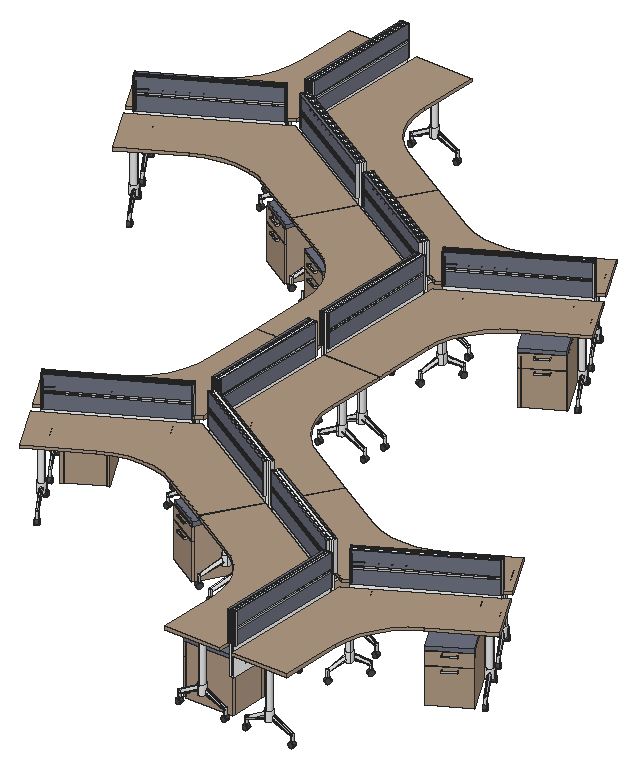
Revit family "T200028", category Furniture, Revit 2013 (continued)
Forms (in)
  SweptBlend 676, solid, material "OFS BRANDS INTERMIX WORK Feet Metal" <- "Feet Material"
    profile origin (-7.73598, -66.39768, 7.14826) x (-0.169016, -0.292767, -0.941127) y (-0.866042, 0.499971, 0)
      loop
        arc (-0.36519, -51.27484) -> (-0.37961, -51.2216) -> (-0.41893, -51.18293) r 0.10547
        line (-0.41893, -51.18293) -> (-0.7409, -51.00171)
        arc (-0.7409, -51.00171) -> (-0.97866, -50.92516) -> (-1.22742, -50.94783) r 0.625
        line (-1.22742, -50.94783) -> (-2.47816, -51.32389)
        arc (-2.47816, -51.32389) -> (-2.58268, -51.39722) -> (-2.62281, -51.51844) r 0.20315
    end profile origin (-3.13285, -58.42421, 3.84119) x (-0.169016, -0.292767, -0.941127) y (-0.866042, 0.499971, 0)
      loop
        arc (-0.00296, -51.97173) -> (0.12974, -51.57876) -> (-0.00296, -51.18579) r 0.64824
        arc (-0.00296, -51.18579) -> (-0.47961, -51.2339) -> (-0.93193, -51.39177) r 2.04165
        arc (-0.93193, -51.39177) -> (-1.04882, -51.57876) -> (-0.93193, -51.76575) r 0.20801
        arc (-0.93193, -51.76575) -> (-0.47961, -51.92362) -> (-0.00296, -51.97173) r 2.04165
  Extrusion 677, solid, material "OFS BRANDS INTERMIX WORK Drawer Front Wood" <- "Drawer Front Material"
    sketch origin (0.12543, -29.7356, -6.96875) x (0.866009, 0.500029, 0) y (0, 0, 1)
      loop
        line (-59.97733, 27.3125) -> (-59.97733, 21.96875) -> (-44.47733, 21.96875) -> (-44.47733, 27.3125) -> (-59.97733, 27.3125)
    from -1.3075 to -0.5575
  Extrusion 678, solid, material "OFS BRANDS INTERMIX WORK Pull Metal" <- "Pull Material"
    sketch origin (-28.25725, -10.91704, -10.06825) x (0.866009, 0.500029, 0) y (-0.500029, 0.866009, 0)
      loop
        line (-39.43501, -29.18171) -> (-39.43501, -28.42671) -> (-34.68501, -28.42671) -> (-34.68501, -29.18171) -> (-34.43501, -29.18171) -> (-34.43501, -28.17671) -> (-39.68501, -28.17671) -> (-39.68501, -29.18171) -> (-39.43501, -29.18171)
    from 28.9745 to 29.4745
  Extrusion 679, solid, material "OFS BRANDS INTERMIX WORK Drawer Front Wood" <- "Drawer Front Material"
    sketch origin (0.12543, -29.7356, -12.4375) x (0.866009, 0.500029, 0) y (0, 0, 1)
      loop
        line (-59.97733, 27.3125) -> (-59.97733, 13.1875) -> (-44.47733, 13.1875) -> (-44.47733, 27.3125) -> (-59.97733, 27.3125)
    from -1.3075 to -0.5575
  Extrusion 680, solid, material "OFS BRANDS INTERMIX WORK Pull Metal" <- "Pull Material"
    sketch origin (-28.25725, -10.91704, -15.537) x (0.866009, 0.500029, 0) y (-0.500029, 0.866009, 0)
      loop
        line (-39.43501, -29.18171) -> (-39.43501, -28.42671) -> (-34.68501, -28.42671) -> (-34.68501, -29.18171) -> (-34.43501, -29.18171) -> (-34.43501, -28.17671) -> (-39.68501, -28.17671) -> (-39.68501, -29.18171) -> (-39.43501, -29.18171)
    from 28.9745 to 29.4745
  Extrusion 681, solid, material "OFS BRANDS INTERMIX WORK Chassis Wood" <- "Chassis Material"
    sketch origin (-53.30195, -57.6515, 0) x (-0.500029, 0.866009, 0) y (0, 0, -1)
      loop
        line (-1.98233, -0.5) -> (-20.73233, -0.5) -> (-20.73233, -20.4375) -> (-1.98233, -20.4375) -> (-1.98233, -0.5)
    from -1.1875 to -0.1875
  Extrusion 682, solid, material "OFS BRANDS INTERMIX WORK Chassis Wood" <- "Chassis Material"
    sketch origin (-23.85866, -64.80771, 0) x (0.866009, 0.500029, 0) y (0, 0, 1)
      loop
        line (-7.10733, 0.5) -> (-7.10733, 20.4375) -> (-20.73233, 20.4375) -> (-20.73233, 0.5) -> (-7.10733, 0.5)
    from -1.1875 to -0.1875
  Extrusion 683, solid, material "OFS BRANDS INTERMIX WORK Chassis Wood" <- "Chassis Material"
    sketch origin (-39.44581, -49.65104, 0) x (-0.500029, 0.866009, 0) y (0, 0, 1)
      loop
        line (-1.98233, 0.5) -> (-1.98233, 20.4375) -> (-20.73233, 20.4375) -> (-20.73233, 0.5) -> (-1.98233, 0.5)
    from -1.1875 to -0.1875
  Extrusion 684, solid, material "OFS BRANDS INTERMIX WORK Cushion Fabric" <- "Cushion Material"
    sketch origin (-51.17952, -7.53675, 18.4375) x (0.866009, 0.500029, 0) y (0.500029, -0.866009, 0)
      loop
        line (-26.70937, 43.82086) -> (-11.08437, 43.82087) -> (-11.08437, 63.07087) -> (-26.70937, 63.07086) -> (-26.70937, 43.82086)
    from -3.5 to -2
  Extrusion 685, solid, material "OFS BRANDS INTERMIX WORK Roll Plastic" <- "Roll Material"
    sketch origin (-51.99237, -55.66788, 29.4745) x (-0.500029, 0.866009, 0) y (0, 0, 1)
      loop
        circle (-19.32729, -28.53442) r 0.94008
    from -0.75 to 0.78386
  Extrusion 686, solid, material "OFS BRANDS INTERMIX WORK Roll Plastic" <- "Roll Material"
    sketch origin (-51.99237, -55.66788, 29.4745) x (-0.500029, 0.866009, 0) y (0, 0, 1)
      loop
        line (-18.30139, -28.55034) -> (-18.21545, -28.55034)
        arc (-18.21545, -28.55034) -> (-18.50581, -27.785) -> (-19.24135, -27.42579) r 1.11196
        line (-19.24135, -27.42579) -> (-19.24135, -27.09434) -> (-19.41323, -27.09434) -> (-19.41323, -27.42579)
        arc (-19.41323, -27.42579) -> (-20.14338, -27.77914) -> (-20.43925, -28.53442) r 1.11196
        line (-20.43925, -28.53442) -> (-20.35331, -28.53442)
        arc (-20.35331, -28.53442) -> (-20.08257, -27.83996) -> (-19.41323, -27.51201) r 1.02602
        line (-19.41323, -27.51201) -> (-19.41323, -27.59827)
        arc (-19.41323, -27.59827) -> (-19.32729, -27.59434) -> (-19.24135, -27.59827) r 0.94008
        line (-19.24135, -27.59827) -> (-19.24135, -27.51201)
        arc (-19.24135, -27.51201) -> (-18.56665, -27.84584) -> (-18.30139, -28.55034) r 1.02602
    from -0.56728 to 0.61508
  Extrusion 687, solid, material "OFS BRANDS INTERMIX WORK Chassis Wood" <- "Chassis Material"
    sketch origin (-130.95118, -20.06909, -8.30733) x (0.866009, 0.500029, 0) y (-0.500029, 0.866009, 0)
      loop
        line (49.64011, -73.35589) -> (49.64011, -91.10589) -> (63.26511, -91.10589) -> (63.26511, -73.35589) -> (49.64011, -73.35589)
    from 10.6875 to 11.75
  Extrusion 688, solid, material "OFS BRANDS INTERMIX WORK Roll Plastic" <- "Roll Material"
    sketch origin (-41.81846, -49.79352, 29.4745) x (-0.500029, 0.866009, 0) y (0, 0, -1)
      loop
        circle (-19.32729, 28.53442) r 0.94008
    from -0.75 to 0.78386
  Extrusion 689, solid, material "OFS BRANDS INTERMIX WORK Roll Plastic" <- "Roll Material"
    sketch origin (-41.81846, -49.79352, 29.4745) x (-0.500029, 0.866009, 0) y (0, 0, -1)
      loop
        arc (-18.30139, 28.55034) -> (-18.56665, 27.84584) -> (-19.24135, 27.51201) r 1.02602
        line (-19.24135, 27.51201) -> (-19.24135, 27.59827)
        arc (-19.24135, 27.59827) -> (-19.32729, 27.59434) -> (-19.41323, 27.59827) r 0.94008
        line (-19.41323, 27.59827) -> (-19.41323, 27.51201)
        arc (-19.41323, 27.51201) -> (-20.08257, 27.83996) -> (-20.35331, 28.53442) r 1.02602
        line (-20.35331, 28.53442) -> (-20.43925, 28.53442)
        arc (-20.43925, 28.53442) -> (-20.14338, 27.77914) -> (-19.41323, 27.42579) r 1.11196
        line (-19.41323, 27.42579) -> (-19.41323, 27.09434) -> (-19.24135, 27.09434) -> (-19.24135, 27.42579)
        arc (-19.24135, 27.42579) -> (-18.50581, 27.785) -> (-18.21545, 28.55034) r 1.11196
        line (-18.21545, 28.55034) -> (-18.30139, 28.55034)
    from -0.56728 to 0.61508
  Extrusion 690, solid, material "OFS BRANDS INTERMIX WORK Roll Plastic" <- "Roll Material"
    sketch origin (-39.91712, -76.58122, 29.4745) x (0.500029, -0.866009, 0) y (0, 0, -1)
      loop
        circle (-19.32729, 28.53442) r 0.94008
    from -0.75 to 0.78386
  Extrusion 691, solid, material "OFS BRANDS INTERMIX WORK Roll Plastic" <- "Roll Material"
    sketch origin (-39.91712, -76.58122, 29.4745) x (0.500029, -0.866009, 0) y (0, 0, -1)
      loop
        arc (-18.30139, 28.55034) -> (-18.56665, 27.84584) -> (-19.24135, 27.51201) r 1.02602
        line (-19.24135, 27.51201) -> (-19.24135, 27.59827)
        arc (-19.24135, 27.59827) -> (-19.32729, 27.59434) -> (-19.41323, 27.59827) r 0.94008
        line (-19.41323, 27.59827) -> (-19.41323, 27.51201)
        arc (-19.41323, 27.51201) -> (-20.08257, 27.83996) -> (-20.35331, 28.53442) r 1.02602
        line (-20.35331, 28.53442) -> (-20.43925, 28.53442)
        arc (-20.43925, 28.53442) -> (-20.14338, 27.77914) -> (-19.41323, 27.42579) r 1.11196
        line (-19.41323, 27.42579) -> (-19.41323, 27.09434) -> (-19.24135, 27.09434) -> (-19.24135, 27.42579)
        arc (-19.24135, 27.42579) -> (-18.50581, 27.785) -> (-18.21545, 28.55034) r 1.11196
        line (-18.21545, 28.55034) -> (-18.30139, 28.55034)
    from -0.56728 to 0.61508
  Extrusion 692, solid, material "OFS BRANDS INTERMIX WORK Roll Plastic" <- "Roll Material"
    sketch origin (-29.7432, -70.70685, 29.4745) x (0.500029, -0.866009, 0) y (0, 0, 1)
      loop
        circle (-19.32729, -28.53442) r 0.94008
    from -0.75 to 0.78386
  Extrusion 693, solid, material "OFS BRANDS INTERMIX WORK Roll Plastic" <- "Roll Material"
    sketch origin (-29.7432, -70.70685, 29.4745) x (0.500029, -0.866009, 0) y (0, 0, 1)
      loop
        line (-18.30139, -28.55034) -> (-18.21545, -28.55034)
        arc (-18.21545, -28.55034) -> (-18.50581, -27.785) -> (-19.24135, -27.42579) r 1.11196
        line (-19.24135, -27.42579) -> (-19.24135, -27.09434) -> (-19.41323, -27.09434) -> (-19.41323, -27.42579)
        arc (-19.41323, -27.42579) -> (-20.14338, -27.77914) -> (-20.43925, -28.53442) r 1.11196
        line (-20.43925, -28.53442) -> (-20.35331, -28.53442)
        arc (-20.35331, -28.53442) -> (-20.08257, -27.83996) -> (-19.41323, -27.51201) r 1.02602
        line (-19.41323, -27.51201) -> (-19.41323, -27.59827)
        arc (-19.41323, -27.59827) -> (-19.32729, -27.59434) -> (-19.24135, -27.59827) r 0.94008
        line (-19.24135, -27.59827) -> (-19.24135, -27.51201)
        arc (-19.24135, -27.51201) -> (-18.56665, -27.84584) -> (-18.30139, -28.55034) r 1.02602
    from -0.56728 to 0.61508
  Extrusion 694, solid, material "OFS BRANDS INTERMIX WORK Roll Plastic" <- "Roll Material"
    sketch origin (-3.2229, -4.97458, 29.4745) x (1, 0.000033, 0) y (0, 0, 1)
      loop
        circle (-19.32729, -28.53442) r 0.94008
    from -0.75 to 0.78386
  Extrusion 695, solid, material "OFS BRANDS INTERMIX WORK Roll Plastic" <- "Roll Material"
    sketch origin (-3.2229, -4.97458, 29.4745) x (1, 0.000033, 0) y (0, 0, 1)
      loop
        line (-18.30139, -28.55034) -> (-18.21545, -28.55034)
        arc (-18.21545, -28.55034) -> (-18.50581, -27.785) -> (-19.24135, -27.42579) r 1.11196
        line (-19.24135, -27.42579) -> (-19.24135, -27.09434) -> (-19.41323, -27.09434) -> (-19.41323, -27.42579)
        arc (-19.41323, -27.42579) -> (-20.14338, -27.77914) -> (-20.43925, -28.53442) r 1.11196
        line (-20.43925, -28.53442) -> (-20.35331, -28.53442)
        arc (-20.35331, -28.53442) -> (-20.08257, -27.83996) -> (-19.41323, -27.51201) r 1.02602
        line (-19.41323, -27.51201) -> (-19.41323, -27.59827)
        arc (-19.41323, -27.59827) -> (-19.32729, -27.59434) -> (-19.24135, -27.59827) r 0.94008
        line (-19.24135, -27.59827) -> (-19.24135, -27.51201)
        arc (-19.24135, -27.51201) -> (-18.56665, -27.84584) -> (-18.30139, -28.55034) r 1.02602
    from -0.56728 to 0.61508
  Extrusion 696, solid, material "OFS BRANDS INTERMIX WORK Feet Metal" <- "Feet Material"
    sketch origin (-0.0035, -56.57553, 0) x (0.000033, -1, 0) y (1, 0.000033, 0)
      loop
        line (-54.57973, -9.4) -> (-54.57973, -17.4) -> (-48.57973, -17.4) -> (-48.57973, -9.4) -> (-54.57973, -9.4)
    from 27.6875 to 27.87542
  Extrusion 697, solid, material "OFS BRANDS INTERMIX WORK Feet Metal" <- "Feet Material"
    sketch origin (-0.0035, -56.57553, 0) x (0.000033, -1, 0) y (1, 0.000033, 0)
      loop
        circle (-51.57876, -13.39995) r 1.14391
    from 10.29161 to 27.6875
  Extrusion 698, solid, material "OFS BRANDS INTERMIX WORK Feet Metal" <- "Feet Material"
    sketch origin (-0.0035, -56.57553, 0) x (0.000033, -1, 0) y (1, 0.000033, 0)
      loop
        circle (-51.57876, -13.40165) r 1.51553
    from 6.70403 to 10.29161
  Extrusion 699, solid, material "OFS BRANDS INTERMIX WORK Feet Metal" <- "Feet Material"
    sketch origin (-0.0035, -56.57553, 0) x (0.000033, -1, 0) y (1, 0.000033, 0)
      loop
        circle (-51.57715, -22.59884) r 0.43
    from 2.38016 to 4.82597
  SweptBlend 700, solid, material "OFS BRANDS INTERMIX WORK Feet Metal" <- "Feet Material"
    path origin (-0.0035, -56.57553, 0) x (1, 0.000033, 0) y (0, 0, 1)
      loop
        line (-13.40165, 7.14826) -> (-22.60845, 3.84119)
    profile origin (-13.40515, -56.57597, 7.14826) x (0.338052, 0.000011, -0.941127) y (0.000033, -1, 0)
      loop
        line (-2.62281, -51.51844) -> (-2.62281, -51.63768)
        arc (-2.62281, -51.63768) -> (-2.58269, -51.75888) -> (-2.47817, -51.8322) r 0.20313
        line (-2.47817, -51.8322) -> (-1.22705, -52.20839)
        arc (-1.22705, -52.20839) -> (-0.97865, -52.23103) -> (-0.74123, -52.15459) r 0.6241
        line (-0.74123, -52.15459) -> (-0.41933, -51.97341)
        arc (-0.41933, -51.97341) -> (-0.37972, -51.93444) -> (-0.36519, -51.8808) r 0.10627
        line (-0.36519, -51.8808) -> (-0.36519, -51.27484)
        arc (-0.36519, -51.27484) -> (-0.37961, -51.2216) -> (-0.41893, -51.18293) r 0.10547
        line (-0.41893, -51.18293) -> (-0.7409, -51.00171)
        arc (-0.7409, -51.00171) -> (-0.97866, -50.92516) -> (-1.22742, -50.94783) r 0.625
        line (-1.22742, -50.94783) -> (-2.47816, -51.32389)
        arc (-2.47816, -51.32389) -> (-2.58268, -51.39722) -> (-2.62281, -51.51844) r 0.20315
    end profile origin (-22.61195, -56.57628, 3.84119) x (0.338052, 0.000011, -0.941127) y (0.000033, -1, 0)
      loop
        arc (-0.00296, -51.97173) -> (0.12974, -51.57876) -> (-0.00296, -51.18579) r 0.64824
        arc (-0.00296, -51.18579) -> (-0.47961, -51.2339) -> (-0.93193, -51.39177) r 2.04165
        arc (-0.93193, -51.39177) -> (-1.04882, -51.57876) -> (-0.93193, -51.76575) r 0.20801
        arc (-0.93193, -51.76575) -> (-0.47961, -51.92362) -> (-0.00296, -51.97173) r 2.04165
  Extrusion 701, solid, material "OFS BRANDS INTERMIX WORK Roll Plastic" <- "Roll Material"
    sketch origin (-23.5875, -4.97525, 29.4745) x (-1, -0.000033, 0) y (0, 0, -1)
      loop
        circle (-19.32729, 28.53442) r 0.94008
    from -0.75 to 0.78386
  Extrusion 702, solid, material "OFS BRANDS INTERMIX WORK Roll Plastic" <- "Roll Material"
    sketch origin (-23.5875, -4.97525, 29.4745) x (-1, -0.000033, 0) y (0, 0, -1)
      loop
        arc (-18.30139, 28.55034) -> (-18.56665, 27.84584) -> (-19.24135, 27.51201) r 1.02602
        line (-19.24135, 27.51201) -> (-19.24135, 27.59827)
        arc (-19.24135, 27.59827) -> (-19.32729, 27.59434) -> (-19.41323, 27.59827) r 0.94008
        line (-19.41323, 27.59827) -> (-19.41323, 27.51201)
        arc (-19.41323, 27.51201) -> (-20.08257, 27.83996) -> (-20.35331, 28.53442) r 1.02602
        line (-20.35331, 28.53442) -> (-20.43925, 28.53442)
        arc (-20.43925, 28.53442) -> (-20.14338, 27.77914) -> (-19.41323, 27.42579) r 1.11196
        line (-19.41323, 27.42579) -> (-19.41323, 27.09434) -> (-19.24135, 27.09434) -> (-19.24135, 27.42579)
        arc (-19.24135, 27.42579) -> (-18.50581, 27.785) -> (-18.21545, 28.55034) r 1.11196
        line (-18.21545, 28.55034) -> (-18.30139, 28.55034)
    from -0.56728 to 0.61508
  Extrusion 703, solid, material "OFS BRANDS INTERMIX WORK Feet Metal" <- "Feet Material"
    sketch origin (-26.8035, -56.57641, 0) x (0.000033, -1, 0) y (1, 0.000033, 0)
      loop
        circle (-51.57715, 22.59884) r 0.43
    from 2.38016 to 4.82597
  SweptBlend 704, solid, material "OFS BRANDS INTERMIX WORK Feet Metal" <- "Feet Material"
    path origin (-26.8035, -56.57641, 0) x (-1, -0.000033, 0) y (0, 0, -1)
      loop
        line (-13.40165, -7.14826) -> (-22.60845, -3.84119)
    profile origin (-13.40185, -56.57597, 7.14826) x (0.338052, 0.000011, 0.941127) y (0.000033, -1, 0)
      loop
        arc (2.62281, -51.51844) -> (2.58268, -51.39722) -> (2.47816, -51.32389) r 0.20315
        line (2.47816, -51.32389) -> (1.22742, -50.94783)
        arc (1.22742, -50.94783) -> (0.97866, -50.92516) -> (0.7409, -51.00171) r 0.625
        line (0.7409, -51.00171) -> (0.41893, -51.18293)
        arc (0.41893, -51.18293) -> (0.37961, -51.2216) -> (0.36519, -51.27484) r 0.10547
        line (0.36519, -51.27484) -> (0.36519, -51.8808)
        arc (0.36519, -51.8808) -> (0.37972, -51.93444) -> (0.41933, -51.97341) r 0.10627
        line (0.41933, -51.97341) -> (0.74123, -52.15459)
        arc (0.74123, -52.15459) -> (0.97865, -52.23103) -> (1.22705, -52.20839) r 0.6241
        line (1.22705, -52.20839) -> (2.47817, -51.8322)
        arc (2.47817, -51.8322) -> (2.58269, -51.75888) -> (2.62281, -51.63768) r 0.20313
        line (2.62281, -51.63768) -> (2.62281, -51.51844)
    end profile origin (-4.19505, -56.57567, 3.84119) x (0.338052, 0.000011, 0.941127) y (0.000033, -1, 0)
      loop
        arc (0.00296, -51.97173) -> (0.47961, -51.92362) -> (0.93193, -51.76575) r 2.04165
        arc (0.93193, -51.76575) -> (1.04882, -51.57876) -> (0.93193, -51.39177) r 0.20801
        arc (0.93193, -51.39177) -> (0.47961, -51.2339) -> (0.00296, -51.18579) r 2.04165
        arc (0.00296, -51.18579) -> (-0.12974, -51.57876) -> (0.00296, -51.97173) r 0.64824
  Extrusion 705, solid, material "OFS BRANDS INTERMIX WORK Top Core Wood" <- "Top Core Material"
    sketch origin (-125.5118, -75.6627, 0) x (-0.500029, 0.866009, 0) y (-0.866009, -0.500029, 0)
      loop
        line (3.97134, -144.44683) -> (14.97134, -125.39429) -> (-5.81327, -113.39428)
        arc (-5.81327, -113.39428) -> (-16.7855, -102.41798) -> (-20.79403, -87.42463) r 29.96155
        line (-20.79403, -87.42463) -> (-20.79403, -63.44684) -> (-42.79403, -63.44684) -> (-42.79403, -117.44683) -> (3.97134, -144.44683)
    from 27.87542 to 29.00005
  Extrusion 706, solid, material "OFS BRANDS INTERMIX WORK Feet Metal" <- "Feet Material"
    sketch origin (28.63872, -87.38944, 0) x (0.866042, -0.499971, 0) y (0.499971, 0.866042, 0)
      loop
        line (-54.57973, 9.4) -> (-48.57973, 9.4) -> (-48.57973, 17.4) -> (-54.57973, 17.4) -> (-54.57973, 9.4)
    from 27.6875 to 27.87542
  Extrusion 707, solid, material "OFS BRANDS INTERMIX WORK Feet Metal" <- "Feet Material"
    sketch origin (28.63872, -87.38944, 0) x (0.866042, -0.499971, 0) y (0.499971, 0.866042, 0)
      loop
        circle (-51.57876, 13.39995) r 1.14391
    from 10.29161 to 27.6875
  Extrusion 708, solid, material "OFS BRANDS INTERMIX WORK Feet Metal" <- "Feet Material"
    sketch origin (28.63872, -87.38944, 0) x (0.866042, -0.499971, 0) y (0.499971, 0.866042, 0)
      loop
        circle (-51.57876, 13.40165) r 1.51553
    from 6.70403 to 10.29161
  Extrusion 709, solid, material "OFS BRANDS INTERMIX WORK Roll Plastic" <- "Roll Material"
    sketch origin (-3.28989, -39.48759, 29.4745) x (0.499971, 0.866042, 0) y (0, 0, 1)
      loop
        circle (-19.32729, -28.53442) r 0.94008
    from -0.75 to 0.78386
  Extrusion 710, solid, material "OFS BRANDS INTERMIX WORK Roll Plastic" <- "Roll Material"
    sketch origin (-3.28989, -39.48759, 29.4745) x (0.499971, 0.866042, 0) y (0, 0, 1)
      loop
        line (-18.30139, -28.55034) -> (-18.21545, -28.55034)
        arc (-18.21545, -28.55034) -> (-18.50581, -27.785) -> (-19.24135, -27.42579) r 1.11196
        line (-19.24135, -27.42579) -> (-19.24135, -27.09434) -> (-19.41323, -27.09434) -> (-19.41323, -27.42579)
        arc (-19.41323, -27.42579) -> (-20.14338, -27.77914) -> (-20.43925, -28.53442) r 1.11196
        line (-20.43925, -28.53442) -> (-20.35331, -28.53442)
        arc (-20.35331, -28.53442) -> (-20.08257, -27.83996) -> (-19.41323, -27.51201) r 1.02602
        line (-19.41323, -27.51201) -> (-19.41323, -27.59827)
        arc (-19.41323, -27.59827) -> (-19.32729, -27.59434) -> (-19.24135, -27.59827) r 0.94008
        line (-19.24135, -27.59827) -> (-19.24135, -27.51201)
        arc (-19.24135, -27.51201) -> (-18.56665, -27.84584) -> (-18.30139, -28.55034) r 1.02602
    from -0.56728 to 0.61508
  Extrusion 711, solid, material "OFS BRANDS INTERMIX WORK Feet Metal" <- "Feet Material"
    sketch origin (43.00755, -62.49995, 0) x (0.866042, -0.499971, 0) y (0.499971, 0.866042, 0)
      loop
        circle (-51.57715, -22.59884) r 0.43
    from 2.38016 to 4.9582
  SweptBlend 712, solid, material "OFS BRANDS INTERMIX WORK Feet Metal" <- "Feet Material"
    path origin (42.03794, -64.1795, 0) x (0.499971, 0.866042, 0) y (0, 0, 1)
      loop
        line (-13.15165, 7.14826) -> (-20.5899, 3.99092)
    profile origin (35.4625, -75.56939, 7.14826) x (0.195354, 0.33839, -0.920505) y (0.866042, -0.499971, 0)
      loop
        line (-2.62281, -51.51844) -> (-2.62281, -51.63768)
        arc (-2.62281, -51.63768) -> (-2.58269, -51.75888) -> (-2.47817, -51.8322) r 0.20313
        line (-2.47817, -51.8322) -> (-1.22705, -52.20839)
        arc (-1.22705, -52.20839) -> (-0.97865, -52.23103) -> (-0.74123, -52.15459) r 0.6241
        line (-0.74123, -52.15459) -> (-0.41933, -51.97341)
        arc (-0.41933, -51.97341) -> (-0.37972, -51.93444) -> (-0.36519, -51.8808) r 0.10627
        line (-0.36519, -51.8808) -> (-0.36519, -51.27484)
        arc (-0.36519, -51.27484) -> (-0.37961, -51.2216) -> (-0.41893, -51.18293) r 0.10547
        line (-0.41893, -51.18293) -> (-0.7409, -51.00171)
        arc (-0.7409, -51.00171) -> (-0.97866, -50.92516) -> (-1.22742, -50.94783) r 0.625
        line (-1.22742, -50.94783) -> (-2.47816, -51.32389)
        arc (-2.47816, -51.32389) -> (-2.58268, -51.39722) -> (-2.62281, -51.51844) r 0.20315
    end profile origin (31.74359, -82.01122, 3.99092) x (0.195354, 0.33839, -0.920505) y (0.866042, -0.499971, 0)
      loop
        arc (-0.00296, -51.97173) -> (0.12974, -51.57876) -> (-0.00296, -51.18579) r 0.64824
        arc (-0.00296, -51.18579) -> (-0.47961, -51.2339) -> (-0.93193, -51.39177) r 2.04165
        arc (-0.93193, -51.39177) -> (-1.04882, -51.57876) -> (-0.93193, -51.76575) r 0.20801
        arc (-0.93193, -51.76575) -> (-0.47961, -51.92362) -> (-0.00296, -51.97173) r 2.04165
  Extrusion 713, solid, material "OFS BRANDS INTERMIX WORK Roll Plastic" <- "Roll Material"
    sketch origin (-15.41083, -60.4833, 29.4745) x (-0.499971, -0.866042, 0) y (0, 0, -1)
      loop
        circle (-19.32729, 28.53442) r 0.94008
    from -0.75 to 0.78386
  Extrusion 714, solid, material "OFS BRANDS INTERMIX WORK Roll Plastic" <- "Roll Material"
    sketch origin (-15.41083, -60.4833, 29.4745) x (-0.499971, -0.866042, 0) y (0, 0, -1)
      loop
        arc (-18.30139, 28.55034) -> (-18.56665, 27.84584) -> (-19.24135, 27.51201) r 1.02602
        line (-19.24135, 27.51201) -> (-19.24135, 27.59827)
        arc (-19.24135, 27.59827) -> (-19.32729, 27.59434) -> (-19.41323, 27.59827) r 0.94008
        line (-19.41323, 27.59827) -> (-19.41323, 27.51201)
        arc (-19.41323, 27.51201) -> (-20.08257, 27.83996) -> (-20.35331, 28.53442) r 1.02602
        line (-20.35331, 28.53442) -> (-20.43925, 28.53442)
        arc (-20.43925, 28.53442) -> (-20.14338, 27.77914) -> (-19.41323, 27.42579) r 1.11196
        line (-19.41323, 27.42579) -> (-19.41323, 27.09434) -> (-19.24135, 27.09434) -> (-19.24135, 27.42579)
        arc (-19.24135, 27.42579) -> (-18.50581, 27.785) -> (-18.21545, 28.55034) r 1.11196
        line (-18.21545, 28.55034) -> (-18.30139, 28.55034)
    from -0.56728 to 0.61508
  Extrusion 715, solid, material "OFS BRANDS INTERMIX WORK Feet Metal" <- "Feet Material"
    sketch origin (27.66911, -89.06899, 0) x (0.866042, -0.499971, 0) y (0.499971, 0.866042, 0)
      loop
        circle (-51.57715, 22.59884) r 0.43
    from 2.38016 to 4.9582
  SweptBlend 716, solid, material "OFS BRANDS INTERMIX WORK Feet Metal" <- "Feet Material"
    path origin (28.63872, -87.38944, 0) x (-0.499971, -0.866042, 0) y (0, 0, -1)
      loop
        line (-13.15165, -7.14826) -> (-20.5899, -3.99092)
    profile origin (35.21416, -75.99955, 7.14826) x (0.195354, 0.33839, 0.920505) y (0.866042, -0.499971, 0)
      loop
        arc (2.62281, -51.51844) -> (2.58268, -51.39722) -> (2.47816, -51.32389) r 0.20315
        line (2.47816, -51.32389) -> (1.22742, -50.94783)
        arc (1.22742, -50.94783) -> (0.97866, -50.92516) -> (0.7409, -51.00171) r 0.625
        line (0.7409, -51.00171) -> (0.41893, -51.18293)
        arc (0.41893, -51.18293) -> (0.37961, -51.2216) -> (0.36519, -51.27484) r 0.10547
        line (0.36519, -51.27484) -> (0.36519, -51.8808)
        arc (0.36519, -51.8808) -> (0.37972, -51.93444) -> (0.41933, -51.97341) r 0.10627
        line (0.41933, -51.97341) -> (0.74123, -52.15459)
        arc (0.74123, -52.15459) -> (0.97865, -52.23103) -> (1.22705, -52.20839) r 0.6241
        line (1.22705, -52.20839) -> (2.47817, -51.8322)
        arc (2.47817, -51.8322) -> (2.58269, -51.75888) -> (2.62281, -51.63768) r 0.20313
        line (2.62281, -51.63768) -> (2.62281, -51.51844)
    end profile origin (38.93307, -69.55772, 3.99092) x (0.195354, 0.33839, 0.920505) y (0.866042, -0.499971, 0)
      loop
        arc (0.00296, -51.97173) -> (0.47961, -51.92362) -> (0.93193, -51.76575) r 2.04165
        arc (0.93193, -51.76575) -> (1.04882, -51.57876) -> (0.93193, -51.39177) r 0.20801
        arc (0.93193, -51.39177) -> (0.47961, -51.2339) -> (0.00296, -51.18579) r 2.04165
        arc (0.00296, -51.18579) -> (-0.12974, -51.57876) -> (0.00296, -51.97173) r 0.64824
  Extrusion 717, solid, material "OFS BRANDS INTERMIX WORK Back Coverage Plastic" <- "Back Coverage Material"
    sketch origin (0.06964, -30.00294, 29.4745) x (0.000042, -1, 0) y (0, 0, -1)
      loop
        line (20.99537, 11.2245) -> (-27.00463, 11.2245) -> (-27.00463, -12.5255) -> (20.99537, -12.5255) -> (20.99537, 11.2245)
    from -0.9375 to -0.1875
  Extrusion 718, solid, material "OFS BRANDS INTERMIX WORK Tackboard Fabric" <- "Tackboard Material"
    sketch origin (-0.96361, -30.00298, 29.4745) x (0.000042, -1, 0) y (0, 0, -1)
      loop
        line (21.02662, -6.99425) -> (-27.03588, -6.99425) -> (-27.03588, -12.5255) -> (21.02662, -12.5255) -> (21.02662, -6.99425)
    from -0.66085 to 0.03085
  Extrusion 719, solid, material "OFS BRANDS INTERMIX WORK Tackboard Fabric" <- "Tackboard Material"
    sketch origin (-0.96361, -30.00298, 22.69325) x (0.000042, -1, 0) y (0, 0, -1)
      loop
        line (20.68752, -6.99425) -> (-27.03588, -6.99425) -> (-27.03588, -12.5255) -> (20.68752, -12.5255) -> (20.68752, -6.99425)
    from -0.66085 to 0.03085
  Extrusion 720, solid, material "OFS BRANDS INTERMIX WORK Conector Metal" <- "Conector Material"
    sketch origin (0.6018, -55.04026, 0) x (-0.000042, 1, 0) y (-1, -0.000042, 0)
      loop
        line (51.73413, 2.29012) -> (51.73413, 2.25422) -> (52.07323, 2.25422) -> (52.07323, 1.50452) -> (51.35913, 1.50452) -> (51.35913, 1.46862) -> (52.10913, 1.46862) -> (52.10913, 2.29011) -> (51.73413, 2.29012)
    from 29.74775 to 41.93975
  Extrusion 721, solid, material "OFS BRANDS INTERMIX WORK Tool Rail Metal" <- "Tool Rail Material"
    sketch origin (0.6018, -55.04026, 0) x (1, 0.000042, 0) y (0, 0, -1)
      loop
        line (-1.53351, -35.21875) -> (-2.23612, -35.21875) -> (-2.23612, -35.78469) -> (-2.01958, -35.78469) -> (-1.88459, -35.70359) -> (-1.80037, -35.84375) -> (-1.88459, -35.98391) -> (-2.01958, -35.9028) -> (-2.23612, -35.9028) -> (-2.23612, -36.46875) -> (-1.53351, -36.46875) -> (-1.53351, -37.21875) -> (-1.46862, -37.21875) -> (-1.46862, -36.38875) -> (-2.15612, -36.38875) -> (-2.15612, -35.9828) -> (-2.04176, -35.9828) -> (-1.85625, -36.09427) -> (-1.70638, -35.84486) -> (-1.85742, -35.59348) -> (-2.04082, -35.70367) -> (-2.15612, -35.70367) -> (-2.15611, -35.29875) -> (-1.46862, -35.29875) -> (-1.46862, -34.46875) -> (-1.53351, -34.46875) -> (-1.53351, -35.21875)
    from 4.01073 to 52.07323
  Extrusion 722, solid, material "OFS BRANDS INTERMIX WORK Conector Metal" <- "Conector Material"
    sketch origin (0.59947, 1.04369, 0) x (0.000042, -1, 0) y (1, 0.000042, 0)
      loop
        line (51.73413, -2.29012) -> (52.10913, -2.29011) -> (52.10913, -1.46862) -> (51.35913, -1.46862) -> (51.35913, -1.50452) -> (52.07323, -1.50452) -> (52.07323, -2.25422) -> (51.73413, -2.25422) -> (51.73413, -2.29012)
    from 29.74775 to 41.93975
  Extrusion 723, solid, material "OFS BRANDS INTERMIX WORK Conector Clip Metal" <- "Conector Clip Material"
    sketch origin (0.06852, -2.99831, 57.662) x (0, 0, -1) y (-1, -0.000042, 0)
      loop
        line (29.787, 2.37745) -> (31.22695, 0.9375) -> (36.66201, 0.9375) -> (36.66201, 1.1563) -> (31.27888, 1.1563) -> (29.9745, 2.46068) -> (29.9745, 10.34879) -> (29.787, 10.34879) -> (29.787, 2.37745)
    from -7.1875 to -5.8125
  Extrusion 724, solid, material "OFS BRANDS INTERMIX WORK Conector Clip Metal" <- "Conector Clip Material"
    sketch origin (0.06852, -2.99831, 57.662) x (0, 0, -1) y (-1, -0.000042, 0)
      loop
        line (35.87689, 1.1563) -> (36.66201, 1.1563) -> (30.037, 11.86776) -> (30.037, 10.49716) -> (35.87689, 1.1563)
    from -6.59375 to -6.40625
  Extrusion 725, solid, material "OFS BRANDS INTERMIX WORK Conector Clip Metal" <- "Conector Clip Material"
    sketch origin (0.06998, -37.99831, 57.662) x (0, 0, -1) y (-1, -0.000042, 0)
      loop
        line (29.787, 2.37745) -> (31.22695, 0.9375) -> (36.66201, 0.9375) -> (36.66201, 1.1563) -> (31.27888, 1.1563) -> (29.9745, 2.46068) -> (29.9745, 10.34879) -> (29.787, 10.34879) -> (29.787, 2.37745)
    from -7.1875 to -5.8125
  Extrusion 726, solid, material "OFS BRANDS INTERMIX WORK Conector Clip Metal" <- "Conector Clip Material"
    sketch origin (0.06998, -37.99831, 57.662) x (0, 0, -1) y (-1, -0.000042, 0)
      loop
        line (35.87689, 1.1563) -> (36.66201, 1.1563) -> (30.037, 11.86776) -> (30.037, 10.49716) -> (35.87689, 1.1563)
    from -6.59375 to -6.40625
  Extrusion 727, solid, material "OFS BRANDS INTERMIX WORK Back Coverage Plastic" <- "Back Coverage Material"
    sketch origin (-21.94452, -68.13552, 29.4745) x (0.866013, 0.500022, 0) y (0, 0, 1)
      loop
        line (20.99537, -11.2245) -> (20.99537, 12.5255) -> (-27.00463, 12.5255) -> (-27.00463, -11.2245) -> (20.99537, -11.2245)
    from -0.9375 to -0.1875
  Extrusion 728, solid, material "OFS BRANDS INTERMIX WORK Tackboard Fabric" <- "Tackboard Material"
    sketch origin (-22.46117, -67.24071, 29.4745) x (0.866013, 0.500022, 0) y (0, 0, 1)
      loop
        line (21.02662, 6.99425) -> (21.02662, 12.5255) -> (-27.03588, 12.5255) -> (-27.03588, 6.99425) -> (21.02662, 6.99425)
    from -0.66085 to 0.03085
  Extrusion 729, solid, material "OFS BRANDS INTERMIX WORK Tackboard Fabric" <- "Tackboard Material"
    sketch origin (-22.46117, -67.24071, 22.69325) x (0.866013, 0.500022, 0) y (0, 0, 1)
      loop
        line (20.68752, 6.99425) -> (20.68752, 12.5255) -> (-27.03588, 12.5255) -> (-27.03588, 6.99425) -> (20.68752, 6.99425)
    from -0.66085 to 0.03085
  Extrusion 730, solid, material "OFS BRANDS INTERMIX WORK Conector Metal" <- "Conector Material"
    sketch origin (0.00372, -56.07625, 0) x (-0.866013, -0.500022, 0) y (0.500022, -0.866013, 0)
      loop
        line (51.73413, -2.29012) -> (52.10913, -2.29011) -> (52.10913, -1.46862) -> (51.35913, -1.46862) -> (51.35913, -1.50452) -> (52.07323, -1.50452) -> (52.07323, -2.25422) -> (51.73413, -2.25422) -> (51.73413, -2.29012)
    from 29.74775 to 41.93975
  Extrusion 731, solid, material "OFS BRANDS INTERMIX WORK Tool Rail Metal" <- "Tool Rail Material"
    sketch origin (0.00372, -56.07625, 0) x (0.500022, -0.866013, 0) y (0, 0, 1)
      loop
        line (-1.53351, 35.21875) -> (-1.53351, 34.46875) -> (-1.46862, 34.46875) -> (-1.46862, 35.29875) -> (-2.15611, 35.29875) -> (-2.15612, 35.70367) -> (-2.04082, 35.70367) -> (-1.85742, 35.59348) -> (-1.70638, 35.84486) -> (-1.85625, 36.09427) -> (-2.04176, 35.9828) -> (-2.15612, 35.9828) -> (-2.15612, 36.38875) -> (-1.46862, 36.38875) -> (-1.46862, 37.21875) -> (-1.53351, 37.21875) -> (-1.53351, 36.46875) -> (-2.23612, 36.46875) -> (-2.23612, 35.9028) -> (-2.01958, 35.9028) -> (-1.88459, 35.98391) -> (-1.80037, 35.84375) -> (-1.88459, 35.70359) -> (-2.01958, 35.78469) -> (-2.23612, 35.78469) -> (-2.23612, 35.21875) -> (-1.53351, 35.21875)
    from 4.01073 to 52.07323
  Extrusion 732, solid, material "OFS BRANDS INTERMIX WORK Conector Metal" <- "Conector Material"
    sketch origin (-48.56571, -84.11944, 0) x (0.866013, 0.500022, 0) y (-0.500022, 0.866013, 0)
      loop
        line (51.73413, 2.29012) -> (51.73413, 2.25422) -> (52.07323, 2.25422) -> (52.07323, 1.50452) -> (51.35913, 1.50452) -> (51.35913, 1.46862) -> (52.10913, 1.46862) -> (52.10913, 2.29011) -> (51.73413, 2.29012)
    from 29.74775 to 41.93975
  Extrusion 733, solid, material "OFS BRANDS INTERMIX WORK Conector Clip Metal" <- "Conector Clip Material"
    sketch origin (-45.33087, -81.63842, 57.662) x (0, 0, -1) y (0.500022, -0.866013, 0)
      loop
        line (29.787, -2.37745) -> (29.787, -10.34879) -> (29.9745, -10.34879) -> (29.9745, -2.46068) -> (31.27888, -1.1563) -> (36.66201, -1.1563) -> (36.66201, -0.9375) -> (31.22695, -0.9375) -> (29.787, -2.37745)
    from -7.1875 to -5.8125
  Extrusion 734, solid, material "OFS BRANDS INTERMIX WORK Conector Clip Metal" <- "Conector Clip Material"
    sketch origin (-45.33087, -81.63842, 57.662) x (0, 0, -1) y (0.500022, -0.866013, 0)
      loop
        line (35.87689, -1.1563) -> (30.037, -10.49716) -> (30.037, -11.86776) -> (36.66201, -1.1563) -> (35.87689, -1.1563)
    from -6.59375 to -6.40625
  Extrusion 735, solid, material "OFS BRANDS INTERMIX WORK Conector Clip Metal" <- "Conector Clip Material"
    sketch origin (-15.02042, -64.13766, 57.662) x (0, 0, -1) y (0.500022, -0.866013, 0)
      loop
        line (29.787, -2.37745) -> (29.787, -10.34879) -> (29.9745, -10.34879) -> (29.9745, -2.46068) -> (31.27888, -1.1563) -> (36.66201, -1.1563) -> (36.66201, -0.9375) -> (31.22695, -0.9375) -> (29.787, -2.37745)
    from -7.1875 to -5.8125
  Extrusion 736, solid, material "OFS BRANDS INTERMIX WORK Conector Clip Metal" <- "Conector Clip Material"
    sketch origin (-15.02042, -64.13766, 57.662) x (0, 0, -1) y (0.500022, -0.866013, 0)
      loop
        line (35.87689, -1.1563) -> (30.037, -10.49716) -> (30.037, -11.86776) -> (36.66201, -1.1563) -> (35.87689, -1.1563)
    from -6.59375 to -6.40625
  Extrusion 737, solid, material "OFS BRANDS INTERMIX WORK Roll Plastic" <- "Roll Material"
    sketch origin (-45.26534, -77.79982, 29.4745) x (0.500029, -0.866009, 0) y (0, 0, -1)
      loop
        circle (-19.32729, 28.53442) r 0.94008
    from -0.75 to 0.78386
  Extrusion 738, solid, material "OFS BRANDS INTERMIX WORK Roll Plastic" <- "Roll Material"
    sketch origin (-45.26534, -77.79982, 29.4745) x (0.500029, -0.866009, 0) y (0, 0, -1)
      loop
        arc (-18.30139, 28.55034) -> (-18.56665, 27.84584) -> (-19.24135, 27.51201) r 1.02602
        line (-19.24135, 27.51201) -> (-19.24135, 27.59827)
        arc (-19.24135, 27.59827) -> (-19.32729, 27.59434) -> (-19.41323, 27.59827) r 0.94008
        line (-19.41323, 27.59827) -> (-19.41323, 27.51201)
        arc (-19.41323, 27.51201) -> (-20.08257, 27.83996) -> (-20.35331, 28.53442) r 1.02602
        line (-20.35331, 28.53442) -> (-20.43925, 28.53442)
        arc (-20.43925, 28.53442) -> (-20.14338, 27.77914) -> (-19.41323, 27.42579) r 1.11196
        line (-19.41323, 27.42579) -> (-19.41323, 27.09434) -> (-19.24135, 27.09434) -> (-19.24135, 27.42579)
        arc (-19.24135, 27.42579) -> (-18.50581, 27.785) -> (-18.21545, 28.55034) r 1.11196
        line (-18.21545, 28.55034) -> (-18.30139, 28.55034)
    from -0.56728 to 0.61508
  Extrusion 739, solid, material "OFS BRANDS INTERMIX WORK Feet Metal" <- "Feet Material"
    sketch origin (1.03056, -54.78434, 0) x (0.866009, 0.500029, 0) y (-0.500029, 0.866009, 0)
      loop
        line (-54.57973, 9.4) -> (-48.57973, 9.4) -> (-48.57973, 17.4) -> (-54.57973, 17.4) -> (-54.57973, 9.4)
    from 27.6875 to 27.87542
  Extrusion 740, solid, material "OFS BRANDS INTERMIX WORK Feet Metal" <- "Feet Material"
    sketch origin (1.03056, -54.78434, 0) x (0.866009, 0.500029, 0) y (-0.500029, 0.866009, 0)
      loop
        circle (-51.57876, 13.39995) r 1.14391
    from 10.29161 to 27.6875
  Extrusion 741, solid, material "OFS BRANDS INTERMIX WORK Feet Metal" <- "Feet Material"
    sketch origin (1.03056, -54.78434, 0) x (0.866009, 0.500029, 0) y (-0.500029, 0.866009, 0)
      loop
        circle (-51.57876, 13.40165) r 1.51553
    from 6.70403 to 10.29161
  Extrusion 742, solid, material "OFS BRANDS INTERMIX WORK Feet Metal" <- "Feet Material"
    sketch origin (1.03056, -54.78434, 0) x (0.866009, 0.500029, 0) y (-0.500029, 0.866009, 0)
      loop
        circle (-51.57715, 22.59884) r 0.43
    from 2.38016 to 4.82597
  SweptBlend 743, solid, material "OFS BRANDS INTERMIX WORK Feet Metal" <- "Feet Material"
    path origin (1.03056, -54.78434, 0) x (0.500029, -0.866009, 0) y (0, 0, -1)
      loop
        line (-13.40165, -7.14826) -> (-22.60845, -3.84119)
    profile origin (-5.67065, -43.1784, 7.14826) x (-0.169036, 0.292756, 0.941127) y (0.866009, 0.500029, 0)
      loop
        arc (2.62281, -51.51844) -> (2.58268, -51.39722) -> (2.47816, -51.32389) r 0.20315
        line (2.47816, -51.32389) -> (1.22742, -50.94783)
        arc (1.22742, -50.94783) -> (0.97866, -50.92516) -> (0.7409, -51.00171) r 0.625
        line (0.7409, -51.00171) -> (0.41893, -51.18293)
        arc (0.41893, -51.18293) -> (0.37961, -51.2216) -> (0.36519, -51.27484) r 0.10547
        line (0.36519, -51.27484) -> (0.36519, -51.8808)
        arc (0.36519, -51.8808) -> (0.37972, -51.93444) -> (0.41933, -51.97341) r 0.10627
        line (0.41933, -51.97341) -> (0.74123, -52.15459)
        arc (0.74123, -52.15459) -> (0.97865, -52.23103) -> (1.22705, -52.20839) r 0.6241
        line (1.22705, -52.20839) -> (2.47817, -51.8322)
        arc (2.47817, -51.8322) -> (2.58269, -51.75888) -> (2.62281, -51.63768) r 0.20313
        line (2.62281, -51.63768) -> (2.62281, -51.51844)
    end profile origin (-10.27432, -35.20523, 3.84119) x (-0.169036, 0.292756, 0.941127) y (0.866009, 0.500029, 0)
      loop
        arc (0.00296, -51.97173) -> (0.47961, -51.92362) -> (0.93193, -51.76575) r 2.04165
        arc (0.93193, -51.76575) -> (1.04882, -51.57876) -> (0.93193, -51.39177) r 0.20801
        arc (0.93193, -51.39177) -> (0.47961, -51.2339) -> (0.00296, -51.18579) r 2.04165
        arc (0.00296, -51.18579) -> (-0.12974, -51.57876) -> (0.00296, -51.97173) r 0.64824
  Extrusion 744, solid, material "OFS BRANDS INTERMIX WORK Roll Plastic" <- "Roll Material"
    sketch origin (-55.44823, -60.1639, 29.4745) x (-0.500029, 0.866009, 0) y (0, 0, 1)
      loop
        circle (-19.32729, -28.53442) r 0.94008
    from -0.75 to 0.78386
  Extrusion 745, solid, material "OFS BRANDS INTERMIX WORK Roll Plastic" <- "Roll Material"
    sketch origin (-55.44823, -60.1639, 29.4745) x (-0.500029, 0.866009, 0) y (0, 0, 1)
      loop
        line (-18.30139, -28.55034) -> (-18.21545, -28.55034)
        arc (-18.21545, -28.55034) -> (-18.50581, -27.785) -> (-19.24135, -27.42579) r 1.11196
        line (-19.24135, -27.42579) -> (-19.24135, -27.09434) -> (-19.41323, -27.09434) -> (-19.41323, -27.42579)
        arc (-19.41323, -27.42579) -> (-20.14338, -27.77914) -> (-20.43925, -28.53442) r 1.11196
        line (-20.43925, -28.53442) -> (-20.35331, -28.53442)
        arc (-20.35331, -28.53442) -> (-20.08257, -27.83996) -> (-19.41323, -27.51201) r 1.02602
        line (-19.41323, -27.51201) -> (-19.41323, -27.59827)
        arc (-19.41323, -27.59827) -> (-19.32729, -27.59434) -> (-19.24135, -27.59827) r 0.94008
        line (-19.24135, -27.59827) -> (-19.24135, -27.51201)
        arc (-19.24135, -27.51201) -> (-18.56665, -27.84584) -> (-18.30139, -28.55034) r 1.02602
    from -0.56728 to 0.61508
  Extrusion 746, solid, material "OFS BRANDS INTERMIX WORK Feet Metal" <- "Feet Material"
    sketch origin (-12.37022, -31.57531, 0) x (0.866009, 0.500029, 0) y (-0.500029, 0.866009, 0)
      loop
        circle (-51.57715, -22.59884) r 0.43
    from 2.38016 to 4.82597
  SweptBlend 747, solid, material "OFS BRANDS INTERMIX WORK Feet Metal" <- "Feet Material"
    path origin (-12.37022, -31.57531, 0) x (-0.500029, 0.866009, 0) y (0, 0, 1)
      loop
        line (-13.40165, 7.14826) -> (-22.60845, 3.84119)
    profile origin (-5.669, -43.18126, 7.14826) x (-0.169036, 0.292756, -0.941127) y (0.866009, 0.500029, 0)
      loop
        line (-2.62281, -51.51844) -> (-2.62281, -51.63768)
        arc (-2.62281, -51.63768) -> (-2.58269, -51.75888) -> (-2.47817, -51.8322) r 0.20313
        line (-2.47817, -51.8322) -> (-1.22705, -52.20839)
        arc (-1.22705, -52.20839) -> (-0.97865, -52.23103) -> (-0.74123, -52.15459) r 0.6241
        line (-0.74123, -52.15459) -> (-0.41933, -51.97341)
        arc (-0.41933, -51.97341) -> (-0.37972, -51.93444) -> (-0.36519, -51.8808) r 0.10627
        line (-0.36519, -51.8808) -> (-0.36519, -51.27484)
        arc (-0.36519, -51.27484) -> (-0.37961, -51.2216) -> (-0.41893, -51.18293) r 0.10547
        line (-0.41893, -51.18293) -> (-0.7409, -51.00171)
        arc (-0.7409, -51.00171) -> (-0.97866, -50.92516) -> (-1.22742, -50.94783) r 0.625
        line (-1.22742, -50.94783) -> (-2.47816, -51.32389)
        arc (-2.47816, -51.32389) -> (-2.58268, -51.39722) -> (-2.62281, -51.51844) r 0.20315
    end profile origin (-1.06533, -51.15442, 3.84119) x (-0.169036, 0.292756, -0.941127) y (0.866009, 0.500029, 0)
      loop
        arc (-0.00296, -51.97173) -> (0.12974, -51.57876) -> (-0.00296, -51.18579) r 0.64824
        arc (-0.00296, -51.18579) -> (-0.47961, -51.2339) -> (-0.93193, -51.39177) r 2.04165
        arc (-0.93193, -51.39177) -> (-1.04882, -51.57876) -> (-0.93193, -51.76575) r 0.20801
        arc (-0.93193, -51.76575) -> (-0.47961, -51.92362) -> (-0.00296, -51.97173) r 2.04165
  Extrusion 748, solid, material "OFS BRANDS INTERMIX WORK Drawer Front Wood" <- "Drawer Front Material"
    sketch origin (-0.12603, -29.74004, -6.96875) x (-0.866034, 0.499986, 0) y (0, 0, -1)
      loop
        line (-59.97733, -27.3125) -> (-44.47733, -27.3125) -> (-44.47733, -21.96875) -> (-59.97733, -21.96875) -> (-59.97733, -27.3125)
    from -1.3075 to -0.5575
  Extrusion 749, solid, material "OFS BRANDS INTERMIX WORK Pull Metal" <- "Pull Material"
    sketch origin (28.25571, -10.92006, -10.06825) x (-0.866034, 0.499986, 0) y (-0.499986, -0.866034, 0)
      loop
        line (-39.43501, 29.18171) -> (-39.68501, 29.18171) -> (-39.68501, 28.17671) -> (-34.43501, 28.17671) -> (-34.43501, 29.18171) -> (-34.68501, 29.18171) -> (-34.68501, 28.42671) -> (-39.43501, 28.42671) -> (-39.43501, 29.18171)
    from 28.9745 to 29.4745
  Extrusion 750, solid, material "OFS BRANDS INTERMIX WORK Drawer Front Wood" <- "Drawer Front Material"
    sketch origin (-0.12603, -29.74004, -12.4375) x (-0.866034, 0.499986, 0) y (0, 0, -1)
      loop
        line (-59.97733, -27.3125) -> (-44.47733, -27.3125) -> (-44.47733, -13.1875) -> (-59.97733, -13.1875) -> (-59.97733, -27.3125)
    from -1.3075 to -0.5575
  Extrusion 751, solid, material "OFS BRANDS INTERMIX WORK Pull Metal" <- "Pull Material"
    sketch origin (28.25571, -10.92006, -15.537) x (-0.866034, 0.499986, 0) y (-0.499986, -0.866034, 0)
      loop
        line (-39.43501, 29.18171) -> (-39.68501, 29.18171) -> (-39.68501, 28.17671) -> (-34.43501, 28.17671) -> (-34.43501, 29.18171) -> (-34.68501, 29.18171) -> (-34.68501, 28.42671) -> (-39.43501, 28.42671) -> (-39.43501, 29.18171)
    from 28.9745 to 29.4745
  Extrusion 752, solid, material "OFS BRANDS INTERMIX WORK Chassis Wood" <- "Chassis Material"
    sketch origin (53.30275, -57.65327, 0) x (0.499986, 0.866034, 0) y (0, 0, 1)
      loop
        line (-1.98233, 0.5) -> (-1.98233, 20.4375) -> (-20.73233, 20.4375) -> (-20.73233, 0.5) -> (-1.98233, 0.5)
    from -1.1875 to -0.1875
  Extrusion 753, solid, material "OFS BRANDS INTERMIX WORK Chassis Wood" <- "Chassis Material"
    sketch origin (23.85982, -64.81094, 0) x (-0.866034, 0.499986, 0) y (0, 0, -1)
      loop
        line (-7.10733, -0.5) -> (-20.73233, -0.5) -> (-20.73233, -20.4375) -> (-7.10733, -20.4375) -> (-7.10733, -0.5)
    from -1.1875 to -0.1875
  Extrusion 754, solid, material "OFS BRANDS INTERMIX WORK Chassis Wood" <- "Chassis Material"
    sketch origin (39.44621, -49.6535, 0) x (0.499986, 0.866034, 0) y (0, 0, -1)
      loop
        line (-1.98233, -0.5) -> (-20.73233, -0.5) -> (-20.73233, -20.4375) -> (-1.98233, -20.4375) -> (-1.98233, -0.5)
    from -1.1875 to -0.1875
  Extrusion 755, solid, material "OFS BRANDS INTERMIX WORK Cushion Fabric" <- "Cushion Material"
    sketch origin (51.17782, -7.53862, 18.4375) x (0.866034, -0.499986, 0) y (-0.499986, -0.866034, 0)
      loop
        line (26.70937, 43.82086) -> (26.70937, 63.07086) -> (11.08437, 63.07087) -> (11.08437, 43.82087) -> (26.70937, 43.82086)
    from -3.5 to -2
  Extrusion 756, solid, material "OFS BRANDS INTERMIX WORK Roll Plastic" <- "Roll Material"
    sketch origin (51.99307, -55.66971, 29.4745) x (0.499986, 0.866034, 0) y (0, 0, -1)
      loop
        circle (-19.32729, 28.53442) r 0.94008
    from -0.75 to 0.78386
  Extrusion 757, solid, material "OFS BRANDS INTERMIX WORK Roll Plastic" <- "Roll Material"
    sketch origin (51.99307, -55.66971, 29.4745) x (0.499986, 0.866034, 0) y (0, 0, -1)
      loop
        arc (-18.30139, 28.55034) -> (-18.56665, 27.84584) -> (-19.24135, 27.51201) r 1.02602
        line (-19.24135, 27.51201) -> (-19.24135, 27.59827)
        arc (-19.24135, 27.59827) -> (-19.32729, 27.59434) -> (-19.41323, 27.59827) r 0.94008
        line (-19.41323, 27.59827) -> (-19.41323, 27.51201)
        arc (-19.41323, 27.51201) -> (-20.08257, 27.83996) -> (-20.35331, 28.53442) r 1.02602
        line (-20.35331, 28.53442) -> (-20.43925, 28.53442)
        arc (-20.43925, 28.53442) -> (-20.14338, 27.77914) -> (-19.41323, 27.42579) r 1.11196
        line (-19.41323, 27.42579) -> (-19.41323, 27.09434) -> (-19.24135, 27.09434) -> (-19.24135, 27.42579)
        arc (-19.24135, 27.42579) -> (-18.50581, 27.785) -> (-18.21545, 28.55034) r 1.11196
        line (-18.21545, 28.55034) -> (-18.30139, 28.55034)
    from -0.56728 to 0.61508
  Extrusion 758, solid, material "OFS BRANDS INTERMIX WORK Chassis Wood" <- "Chassis Material"
    sketch origin (130.9501, -20.06697, -8.30733) x (-0.866034, 0.499986, 0) y (-0.499986, -0.866034, 0)
      loop
        line (49.64011, 73.35589) -> (63.26511, 73.35589) -> (63.26511, 91.10589) -> (49.64011, 91.10589) -> (49.64011, 73.35589)
    from 10.6875 to 11.75
  Extrusion 759, solid, material "OFS BRANDS INTERMIX WORK Roll Plastic" <- "Roll Material"
    sketch origin (41.81887, -49.79585, 29.4745) x (0.499986, 0.866034, 0) y (0, 0, 1)
      loop
        circle (-19.32729, -28.53442) r 0.94008
    from -0.75 to 0.78386
  Extrusion 760, solid, material "OFS BRANDS INTERMIX WORK Roll Plastic" <- "Roll Material"
    sketch origin (41.81887, -49.79585, 29.4745) x (0.499986, 0.866034, 0) y (0, 0, 1)
      loop
        line (-18.30139, -28.55034) -> (-18.21545, -28.55034)
        arc (-18.21545, -28.55034) -> (-18.50581, -27.785) -> (-19.24135, -27.42579) r 1.11196
        line (-19.24135, -27.42579) -> (-19.24135, -27.09434) -> (-19.41323, -27.09434) -> (-19.41323, -27.42579)
        arc (-19.41323, -27.42579) -> (-20.14338, -27.77914) -> (-20.43925, -28.53442) r 1.11196
        line (-20.43925, -28.53442) -> (-20.35331, -28.53442)
        arc (-20.35331, -28.53442) -> (-20.08257, -27.83996) -> (-19.41323, -27.51201) r 1.02602
        line (-19.41323, -27.51201) -> (-19.41323, -27.59827)
        arc (-19.41323, -27.59827) -> (-19.32729, -27.59434) -> (-19.24135, -27.59827) r 0.94008
        line (-19.24135, -27.59827) -> (-19.24135, -27.51201)
        arc (-19.24135, -27.51201) -> (-18.56665, -27.84584) -> (-18.30139, -28.55034) r 1.02602
    from -0.56728 to 0.61508
  Extrusion 761, solid, material "OFS BRANDS INTERMIX WORK Roll Plastic" <- "Roll Material"
    sketch origin (39.91887, -76.58365, 29.4745) x (-0.499986, -0.866034, 0) y (0, 0, 1)
      loop
        circle (-19.32729, -28.53442) r 0.94008
    from -0.75 to 0.78386
  Extrusion 762, solid, material "OFS BRANDS INTERMIX WORK Roll Plastic" <- "Roll Material"
    sketch origin (39.91887, -76.58365, 29.4745) x (-0.499986, -0.866034, 0) y (0, 0, 1)
      loop
        line (-18.30139, -28.55034) -> (-18.21545, -28.55034)
        arc (-18.21545, -28.55034) -> (-18.50581, -27.785) -> (-19.24135, -27.42579) r 1.11196
        line (-19.24135, -27.42579) -> (-19.24135, -27.09434) -> (-19.41323, -27.09434) -> (-19.41323, -27.42579)
        arc (-19.41323, -27.42579) -> (-20.14338, -27.77914) -> (-20.43925, -28.53442) r 1.11196
        line (-20.43925, -28.53442) -> (-20.35331, -28.53442)
        arc (-20.35331, -28.53442) -> (-20.08257, -27.83996) -> (-19.41323, -27.51201) r 1.02602
        line (-19.41323, -27.51201) -> (-19.41323, -27.59827)
        arc (-19.41323, -27.59827) -> (-19.32729, -27.59434) -> (-19.24135, -27.59827) r 0.94008
        line (-19.24135, -27.59827) -> (-19.24135, -27.51201)
        arc (-19.24135, -27.51201) -> (-18.56665, -27.84584) -> (-18.30139, -28.55034) r 1.02602
    from -0.56728 to 0.61508
  Extrusion 763, solid, material "OFS BRANDS INTERMIX WORK Roll Plastic" <- "Roll Material"
    sketch origin (29.74466, -70.70979, 29.4745) x (-0.499986, -0.866034, 0) y (0, 0, -1)
      loop
        circle (-19.32729, 28.53442) r 0.94008
    from -0.75 to 0.78386
  Extrusion 764, solid, material "OFS BRANDS INTERMIX WORK Roll Plastic" <- "Roll Material"
    sketch origin (29.74466, -70.70979, 29.4745) x (-0.499986, -0.866034, 0) y (0, 0, -1)
      loop
        arc (-18.30139, 28.55034) -> (-18.56665, 27.84584) -> (-19.24135, 27.51201) r 1.02602
        line (-19.24135, 27.51201) -> (-19.24135, 27.59827)
        arc (-19.24135, 27.59827) -> (-19.32729, 27.59434) -> (-19.41323, 27.59827) r 0.94008
        line (-19.41323, 27.59827) -> (-19.41323, 27.51201)
        arc (-19.41323, 27.51201) -> (-20.08257, 27.83996) -> (-20.35331, 28.53442) r 1.02602
        line (-20.35331, 28.53442) -> (-20.43925, 28.53442)
        arc (-20.43925, 28.53442) -> (-20.14338, 27.77914) -> (-19.41323, 27.42579) r 1.11196
        line (-19.41323, 27.42579) -> (-19.41323, 27.09434) -> (-19.24135, 27.09434) -> (-19.24135, 27.42579)
        arc (-19.24135, 27.42579) -> (-18.50581, 27.785) -> (-18.21545, 28.55034) r 1.11196
        line (-18.21545, 28.55034) -> (-18.30139, 28.55034)
    from -0.56728 to 0.61508
  Extrusion 765, solid, material "OFS BRANDS INTERMIX WORK Roll Plastic" <- "Roll Material"
    sketch origin (3.22106, -4.97886, 29.4745) x (-1, -0.000017, 0) y (0, 0, -1)
      loop
        circle (-19.32729, 28.53442) r 0.94008
    from -0.75 to 0.78386
  Extrusion 766, solid, material "OFS BRANDS INTERMIX WORK Roll Plastic" <- "Roll Material"
    sketch origin (3.22106, -4.97886, 29.4745) x (-1, -0.000017, 0) y (0, 0, -1)
      loop
        arc (-18.30139, 28.55034) -> (-18.56665, 27.84584) -> (-19.24135, 27.51201) r 1.02602
        line (-19.24135, 27.51201) -> (-19.24135, 27.59827)
        arc (-19.24135, 27.59827) -> (-19.32729, 27.59434) -> (-19.41323, 27.59827) r 0.94008
        line (-19.41323, 27.59827) -> (-19.41323, 27.51201)
        arc (-19.41323, 27.51201) -> (-20.08257, 27.83996) -> (-20.35331, 28.53442) r 1.02602
        line (-20.35331, 28.53442) -> (-20.43925, 28.53442)
        arc (-20.43925, 28.53442) -> (-20.14338, 27.77914) -> (-19.41323, 27.42579) r 1.11196
        line (-19.41323, 27.42579) -> (-19.41323, 27.09434) -> (-19.24135, 27.09434) -> (-19.24135, 27.42579)
        arc (-19.24135, 27.42579) -> (-18.50581, 27.785) -> (-18.21545, 28.55034) r 1.11196
        line (-18.21545, 28.55034) -> (-18.30139, 28.55034)
    from -0.56728 to 0.61508
  Extrusion 767, solid, material "OFS BRANDS INTERMIX WORK Feet Metal" <- "Feet Material"
    sketch origin (0.00425, -56.57997, 0) x (0.000017, -1, 0) y (1, 0.000017, 0)
      loop
        line (-54.57973, 9.4) -> (-48.57973, 9.4) -> (-48.57973, 17.4) -> (-54.57973, 17.4) -> (-54.57973, 9.4)
    from 27.6875 to 27.87542
  Extrusion 768, solid, material "OFS BRANDS INTERMIX WORK Feet Metal" <- "Feet Material"
    sketch origin (0.00425, -56.57997, 0) x (0.000017, -1, 0) y (1, 0.000017, 0)
      loop
        circle (-51.57876, 13.39995) r 1.14391
    from 10.29161 to 27.6875
  Extrusion 769, solid, material "OFS BRANDS INTERMIX WORK Feet Metal" <- "Feet Material"
    sketch origin (0.00425, -56.57997, 0) x (0.000017, -1, 0) y (1, 0.000017, 0)
      loop
        circle (-51.57876, 13.40165) r 1.51553
    from 6.70403 to 10.29161
  Extrusion 770, solid, material "OFS BRANDS INTERMIX WORK Feet Metal" <- "Feet Material"
    sketch origin (0.00425, -56.57997, 0) x (0.000017, -1, 0) y (1, 0.000017, 0)
      loop
        circle (-51.57715, 22.59884) r 0.43
    from 2.38016 to 4.82597
  SweptBlend 771, solid, material "OFS BRANDS INTERMIX WORK Feet Metal" <- "Feet Material"
    path origin (0.00425, -56.57997, 0) x (-1, -0.000017, 0) y (0, 0, -1)
      loop
        line (-13.40165, -7.14826) -> (-22.60845, -3.84119)
    profile origin (13.4059, -56.57974, 7.14826) x (0.338052, 0.000006, 0.941127) y (0.000017, -1, 0)
      loop
        arc (2.62281, -51.51844) -> (2.58268, -51.39722) -> (2.47816, -51.32389) r 0.20315
        line (2.47816, -51.32389) -> (1.22742, -50.94783)
        arc (1.22742, -50.94783) -> (0.97866, -50.92516) -> (0.7409, -51.00171) r 0.625
        line (0.7409, -51.00171) -> (0.41893, -51.18293)
        arc (0.41893, -51.18293) -> (0.37961, -51.2216) -> (0.36519, -51.27484) r 0.10547
        line (0.36519, -51.27484) -> (0.36519, -51.8808)
        arc (0.36519, -51.8808) -> (0.37972, -51.93444) -> (0.41933, -51.97341) r 0.10627
        line (0.41933, -51.97341) -> (0.74123, -52.15459)
        arc (0.74123, -52.15459) -> (0.97865, -52.23103) -> (1.22705, -52.20839) r 0.6241
        line (1.22705, -52.20839) -> (2.47817, -51.8322)
        arc (2.47817, -51.8322) -> (2.58269, -51.75888) -> (2.62281, -51.63768) r 0.20313
        line (2.62281, -51.63768) -> (2.62281, -51.51844)
    end profile origin (22.6127, -56.57958, 3.84119) x (0.338052, 0.000006, 0.941127) y (0.000017, -1, 0)
      loop
        arc (0.00296, -51.97173) -> (0.47961, -51.92362) -> (0.93193, -51.76575) r 2.04165
        arc (0.93193, -51.76575) -> (1.04882, -51.57876) -> (0.93193, -51.39177) r 0.20801
        arc (0.93193, -51.39177) -> (0.47961, -51.2339) -> (0.00296, -51.18579) r 2.04165
        arc (0.00296, -51.18579) -> (-0.12974, -51.57876) -> (0.00296, -51.97173) r 0.64824
  Extrusion 772, solid, material "OFS BRANDS INTERMIX WORK Roll Plastic" <- "Roll Material"
    sketch origin (23.58567, -4.97851, 29.4745) x (1, 0.000017, 0) y (0, 0, 1)
      loop
        circle (-19.32729, -28.53442) r 0.94008
    from -0.75 to 0.78386
  Extrusion 773, solid, material "OFS BRANDS INTERMIX WORK Roll Plastic" <- "Roll Material"
    sketch origin (23.58567, -4.97851, 29.4745) x (1, 0.000017, 0) y (0, 0, 1)
      loop
        line (-18.30139, -28.55034) -> (-18.21545, -28.55034)
        arc (-18.21545, -28.55034) -> (-18.50581, -27.785) -> (-19.24135, -27.42579) r 1.11196
        line (-19.24135, -27.42579) -> (-19.24135, -27.09434) -> (-19.41323, -27.09434) -> (-19.41323, -27.42579)
        arc (-19.41323, -27.42579) -> (-20.14338, -27.77914) -> (-20.43925, -28.53442) r 1.11196
        line (-20.43925, -28.53442) -> (-20.35331, -28.53442)
        arc (-20.35331, -28.53442) -> (-20.08257, -27.83996) -> (-19.41323, -27.51201) r 1.02602
        line (-19.41323, -27.51201) -> (-19.41323, -27.59827)
        arc (-19.41323, -27.59827) -> (-19.32729, -27.59434) -> (-19.24135, -27.59827) r 0.94008
        line (-19.24135, -27.59827) -> (-19.24135, -27.51201)
        arc (-19.24135, -27.51201) -> (-18.56665, -27.84584) -> (-18.30139, -28.55034) r 1.02602
    from -0.56728 to 0.61508
